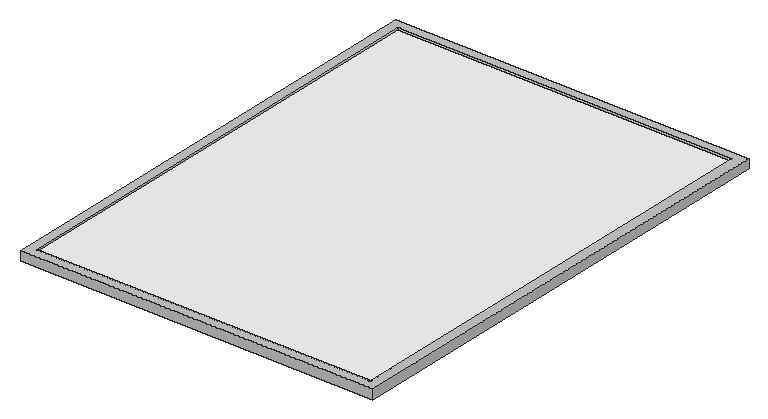
Revit family "Mirror_Stainless-Steel_Bobrick_B-165_Series", category Furniture, host Face, Revit 2018
Family settings
  Host = Face
  OmniClass Number = 23.40.95.17.17
  OmniClass Title = Mirrors
  Cut with Voids When Loaded = No
  Shared = Yes
  Room Calculation Point = No
Parameters (values of type "B-165 1824 ("2S" Tab Design)")
  Width = 18"
  Warranty Documentation Link = "https://www.bobrick.com/wp-content/uploads/product_warranties-6.pdf"
  URL = "http://www.bobrick.com/"
  Type Comments = " "
  Specification = "Mirror shall have a one-piece type-430 stainless steel channel frame, 1/2\" x 1/2\" x 3/8\" (13 x 13 x 9.5mm), with 90° mitered corners; all exposed surfaces shall have bright polished finish. Select float glass mirror shall be guaranteed for 15 years against silver spoilage. Corners shall be protected by friction-absorbing filler strips and the back shall be protected by full-size, shockabsorbing, water-resistant, nonabrasive, 3/16\" (5mm) thick polyethylene padding. Galvanized steel back shall have integral horizontal hanging brackets located at top and bottom for mounting on concealed rectangular wall hanger to prevent the mirror from pulling away from the wall. Locking devices secure mirror to concealed wall hanger. Mirror shall be removable from the wall. "
  Revised Date = "08/26/2021"  # constant formula
  Product Page URL = "https://www.bobrick.com/products/washroom-accessories/washroom-accessories-catalog/product/b-165-series/"
  Product Documentation Link = "https://www.bobrick.com/wp-content/uploads/B-165_td.pdf"
  Price = "Prices may vary. Please consult Manufacturer Representative for most up-to-date price list."  # constant formula
  Model = "B-165 1824"
  Material = "Stainless Steel-Bobrick-Type 430-Polished"  # constant formula
  Frame Material = Stainless Steel-Bobrick-Type 430-Polished
  Manufacturer = "Bobrick"  # constant formula
  Length = 1/2"
  Installation Type = "Wall Mounted"  # constant formula
  Installation = "\"2S\" Tab Design"
  Height = 24"
  Glass Material = Float Glass-Bobrick
  Description = "One-piece, 1/2″ x 1/2″ x 3/8″ (13 x 13 x 9.5mm) channel-frame. Type 430 stainless steel with bright-polished finish. Mitered corners. Frame screw permits easy replacement of glass. No. 1 quality, 1/4″ (6mm) glass mirror; warranted against silver spoilage for 15 years. Galvanized steel back. Secured to concealed wall hanger with theft-resistant mounting."  # constant formula
  Default Elevation = 0"
  Creation Date = "01/02/2015"  # constant formula
  Assembly Code = "E2010"
Types (15): name | Width | Model | Length | Installation | Height
  (no name) | 18" | "B-165 1824" | 1/2" | "\"2S\" Tab Design" | 24"
  B-165 1824 ("2S" Tab Design) | 18" | "B-165 1824" | 1/2" | "\"2S\" Tab Design" | 24"
  B-165 1830 ("2S" Tab Design) | 18" | "B-165 1830" | 1/2" | "\"2S\" Tab Design" | 30"
  B-165 1836 ("2S" Tab Design) | 18" | "B-165 1836" | 1/2" | "\"2S\" Tab Design" | 36"
  B-165 2430 ("2S" Tab Design) | 24" | "B-165 2430" | 1/2" | "\"2S\" Tab Design" | 30"
  B-165 2436 ("2S" Tab Design) | 24" | "B-165 2436" | 1/2" | "\"2S\" Tab Design" | 36"
  B-165 2448 ("2S" Tab Design) | 24" | "B-165 2448" | 1/2" | "\"2S\" Tab Design" | 48"
  B-165 2460 ("2S" Tab Design) | 24" | "B-165 2460" | 1/2" | "\"2S\" Tab Design" | 60"
  B-165 1824 (Snap Locking Design) | 18" | "B-165 1824" | 3/4" | "Snap Locking Design" | 24"
  B-165 1830 (Snap Locking Design) | 18" | "B-165 1830" | 3/4" | "Snap Locking Design" | 30"
  B-165 1836 (Snap Locking Design) | 18" | "B-165 1836" | 3/4" | "Snap Locking Design" | 36"
  B-165 2430 (Snap Locking Design) | 24" | "B-165 2430" | 3/4" | "Snap Locking Design" | 30"
  B-165 2436 (Snap Locking Design) | 24" | "B-165 2436" | 3/4" | "Snap Locking Design" | 36"
  B-165 2448 (Snap Locking Design) | 24" | "B-165 2448" | 3/4" | "Snap Locking Design" | 48"
  B-165 2460 (Snap Locking Design) | 24" | "B-165 2460" | 3/4" | "Snap Locking Design" | 60"
Reference planes (in)
  plane 1 "Center (Front/Back)": y = 0
  plane 2: z = 0
  plane 3 "Center (Left/Right)": x = 0
  plane 4: x = -9
  plane 5: x = 9
  plane 6: y = -12
  plane 7: y = 12
  plane 8: z = 0.5
  plane 9: z = 0.437
  plane 10: z = 0.1875
  plane 11: x = -8.49871
  plane 12: y = 11.4987
  plane 13: x = 8.49871
  plane 14: y = -11.4987
Forms (in)
  Sweep 1, solid, material "Stainless Steel-Bobrick-Type 430-Polished" <- "Frame Material"
    path origin (0, 0, 0) x (1, 0, 0) y (0, 1, 0)
      loop
        line (-9, 12) -> (-9, -12) -> (9, -12) -> (9, 12) -> (-9, 12)
    profile origin (0, 12, 0) x (0, 1, 0) y (0, 0, 1)
      loop
        line (0, 0) -> (0, 0.5) -> (-0.458, 0.5)
        arc (-0.458, 0.5) -> (-0.4958, 0.47971) -> (-0.49979, 0.437) r 0.04536
        line (-0.49979, 0.437) -> (-0.0625, 0.437) -> (-0.0625, 0.0625) -> (-0.3125, 0.0625) -> (-0.3125, 0.125) -> (-0.375, 0.125) -> (-0.375, 0) -> (0, 0)
  Extrusion 2, solid, material "Float Glass-Bobrick" <- "Glass Material"
    sketch origin (0, 0, 0.1875) x (1, 0, 0) y (0, 1, 0)
      loop
        line (-8.49871, 11.4987) -> (-8.49871, -11.4987) -> (8.49871, -11.4987) -> (8.49871, 11.4987) -> (-8.49871, 11.4987)
    from 0 to 0.2495
Lines and regions (in)
  Masking region 1
    outline origin (0, 0, 0) x (1, 0, 0) y (0, 0, 1)
      loop
        line (9, 0.5) -> (-9, 0.5) -> (-9, 0) -> (9, 0) -> (9, 0.5)
Dimensions and locks (in)
  "Width": plane 4 to plane 5
  "Height": plane 6 to plane 7
  equal spacing: plane 4, plane 3 "Center (Left/Right)", plane 5
  equal spacing: plane 6, plane 1 "Center (Front/Back)", plane 7
  "Length": plane 8 to host face
  locked: plane 10 to plane 9 at 0.2495
  locked: plane 8 to plane 9 at 0.063
  equal spacing: plane 14, plane 1 "Center (Front/Back)", plane 12
  equal spacing: plane 11, plane 3 "Center (Left/Right)", plane 13
  locked: plane 4 to plane 11 at 0.50129
  plane 13 to plane 5 = 0.50129"
  locked: plane 12 to plane 7 at 0.5013
  plane 6 to plane 14 = 0.5013"
  aligned and locked: plane 2 to host face
  aligned and locked: level to host face
  aligned and locked: Sweep 1 sketch curve to plane 8
  aligned and locked: profile plane to Sweep 1 sketch curve
  aligned and locked: Sweep 1 sketch curve to level
  aligned and locked: plane 9 to Sweep 1 sketch curve
  aligned and locked: Extrusion 2 to plane 9
  aligned and locked: plane 10 to Extrusion 2
  aligned and locked: Extrusion 2 sketch curve to plane 11
  aligned and locked: Extrusion 2 sketch curve to plane 13
  aligned and locked: plane 12 to Extrusion 2 sketch curve
  aligned and locked: Extrusion 2 sketch curve to plane 14
Automatic sketch dimensions
  host sketch curve to host sketch curve = 96"  (x2)
  Sweep 1 sketch curve to plane 4 = 0"
  Sweep 1 sketch curve to plane 5 = 0"
  plane 6 to Sweep 1 sketch curve = 0"
  plane 7 to Sweep 1 sketch curve = 0"
  profile plane to Sweep 1 sketch curve = 1/16"
  level to Sweep 1 sketch curve = 1/8"
  Sweep 1 sketch curve to Sweep 1 sketch curve = 1/4"
  Sweep 1 sketch curve to Sweep 1 sketch curve = 1/16"
  Sweep 1 sketch curve to Sweep 1 sketch curve = 0.083"
  level to Sweep 1 sketch curve = 1/16"
  Sweep 1 sketch curve to Sweep 1 sketch curve = 0.01764"
  Masking region 1 sketch curve to plane 4 = 0"
  Masking region 1 sketch curve to level = 0"
  Masking region 1 sketch curve to plane 5 = 0"
  Masking region 1 sketch curve to plane 8 = 0"
